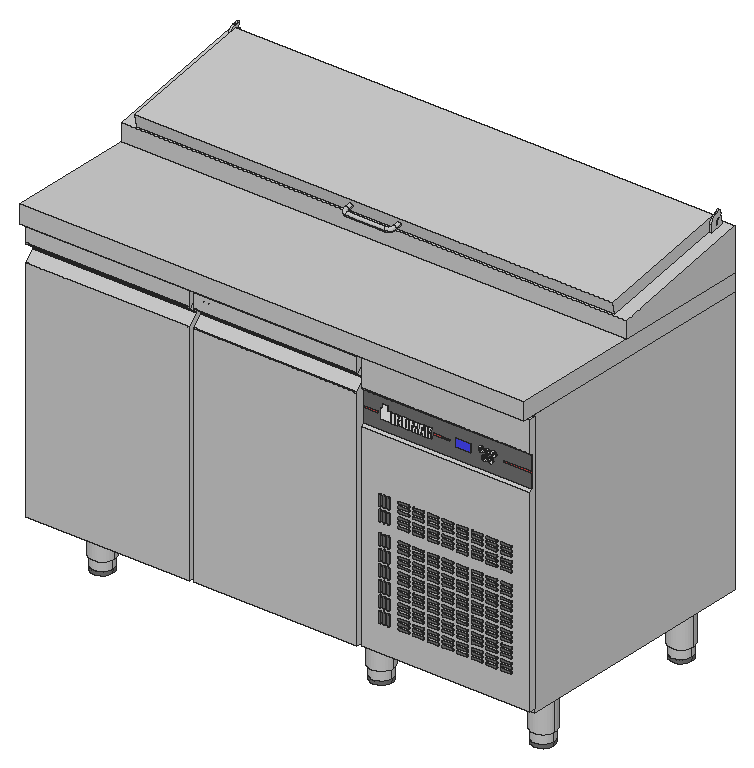
Revit family "QF_INOMAK_ZPZP99_250612084149", category Specialty Equipment, Revit 2021 (continued)
Definition of nested family "QF_INOMAK_REF_COUNTERS_1342_2920"
  Definition of nested family "QF_INOMAK_CONRTOL-PANEL"
    Forms (mm)
      Extrusion 1, solid
        sketch origin (-2240, -700, 0) x (-1, 0, 0) y (0, 0, 1)
          loop
            arc (-2089.4, 215.855) -> (-2086.4, 218.855) -> (-2089.4, 221.855) r 3
            line (-2089.4, 221.855) -> (-2113.4, 221.855)
          loop
            arc (-2074.4, 221.855) -> (-2077.4, 218.855) -> (-2074.4, 215.855) r 3
            line (-2074.4, 215.855) -> (-2050.4, 215.855)
            arc (-2050.4, 215.855) -> (-2047.4, 218.855) -> (-2050.4, 221.855) r 3
            line (-2050.4, 221.855) -> (-2074.4, 221.855)
          loop
            arc (-2035.4, 221.855) -> (-2038.4, 218.855) -> (-2035.4, 215.855) r 3
            line (-2035.4, 215.855) -> (-2011.4, 215.855)
            arc (-2011.4, 215.855) -> (-2008.4, 218.855) -> (-2011.4, 221.855) r 3
            line (-2011.4, 221.855) -> (-2035.4, 221.855)
          loop
            arc (-1996.4, 221.855) -> (-1999.4, 218.855) -> (-1996.4, 215.855) r 3
            line (-1996.4, 215.855) -> (-1972.4, 215.855)
            arc (-1972.4, 215.855) -> (-1969.4, 218.855) -> (-1972.4, 221.855) r 3
            line (-1972.4, 221.855) -> (-1996.4, 221.855)
          loop
            arc (-1957.4, 221.855) -> (-1960.4, 218.855) -> (-1957.4, 215.855) r 3
            line (-1957.4, 215.855) -> (-1933.4, 215.855)
            arc (-1933.4, 215.855) -> (-1930.4, 218.855) -> (-1933.4, 221.855) r 3
            line (-1933.4, 221.855) -> (-1957.4, 221.855)
          loop
            arc (-1918.4, 221.855) -> (-1921.4, 218.855) -> (-1918.4, 215.855) r 3
            line (-1918.4, 215.855) -> (-1894.4, 215.855)
            arc (-1894.4, 215.855) -> (-1891.4, 218.855) -> (-1894.4, 221.855) r 3
            line (-1894.4, 221.855) -> (-1918.4, 221.855)
          loop
            arc (-2191.4, 210.855) -> (-2194.4, 207.855) -> (-2191.4, 204.855) r 3
            line (-2191.4, 204.855) -> (-2167.4, 204.855)
            arc (-2167.4, 204.855) -> (-2164.4, 207.855) -> (-2167.4, 210.855) r 3
            line (-2167.4, 210.855) -> (-2191.4, 210.855)
          loop
            arc (-2152.4, 210.855) -> (-2155.4, 207.855) -> (-2152.4, 204.855) r 3
            line (-2152.4, 204.855) -> (-2128.4, 204.855)
            arc (-2128.4, 204.855) -> (-2125.4, 207.855) -> (-2128.4, 210.855) r 3
            line (-2128.4, 210.855) -> (-2152.4, 210.855)
          loop
            arc (-2113.4, 210.855) -> (-2116.4, 207.855) -> (-2113.4, 204.855) r 3
            line (-2113.4, 204.855) -> (-2089.4, 204.855)
            arc (-2089.4, 204.855) -> (-2086.4, 207.855) -> (-2089.4, 210.855) r 3
            line (-2089.4, 210.855) -> (-2113.4, 210.855)
          loop
            arc (-2074.4, 210.855) -> (-2077.4, 207.855) -> (-2074.4, 204.855) r 3
            line (-2074.4, 204.855) -> (-2050.4, 204.855)
            arc (-2050.4, 204.855) -> (-2047.4, 207.855) -> (-2050.4, 210.855) r 3
            line (-2050.4, 210.855) -> (-2074.4, 210.855)
          loop
            arc (-2035.4, 210.855) -> (-2038.4, 207.855) -> (-2035.4, 204.855) r 3
            line (-2035.4, 204.855) -> (-2011.4, 204.855)
            arc (-2011.4, 204.855) -> (-2008.4, 207.855) -> (-2011.4, 210.855) r 3
            line (-2011.4, 210.855) -> (-2035.4, 210.855)
          loop
            arc (-1996.4, 210.855) -> (-1999.4, 207.855) -> (-1996.4, 204.855) r 3
            line (-1996.4, 204.855) -> (-1972.4, 204.855)
            arc (-1972.4, 204.855) -> (-1969.4, 207.855) -> (-1972.4, 210.855) r 3
            line (-1972.4, 210.855) -> (-1996.4, 210.855)
          loop
            arc (-1957.4, 210.855) -> (-1960.4, 207.855) -> (-1957.4, 204.855) r 3
            line (-1957.4, 204.855) -> (-1933.4, 204.855)
            arc (-1933.4, 204.855) -> (-1930.4, 207.855) -> (-1933.4, 210.855) r 3
            line (-1933.4, 210.855) -> (-1957.4, 210.855)
          loop
            arc (-1918.4, 210.855) -> (-1921.4, 207.855) -> (-1918.4, 204.855) r 3
            line (-1918.4, 204.855) -> (-1894.4, 204.855)
            arc (-1894.4, 204.855) -> (-1891.4, 207.855) -> (-1894.4, 210.855) r 3
            line (-1894.4, 210.855) -> (-1918.4, 210.855)
          loop
            arc (-2191.4, 199.855) -> (-2194.4, 196.855) -> (-2191.4, 193.855) r 3
            line (-2191.4, 193.855) -> (-2167.4, 193.855)
            arc (-2167.4, 193.855) -> (-2164.4, 196.855) -> (-2167.4, 199.855) r 3
            line (-2167.4, 199.855) -> (-2191.4, 199.855)
          loop
            arc (-2152.4, 199.855) -> (-2155.4, 196.855) -> (-2152.4, 193.855) r 3
            line (-2152.4, 193.855) -> (-2128.4, 193.855)
            arc (-2128.4, 193.855) -> (-2125.4, 196.855) -> (-2128.4, 199.855) r 3
            line (-2128.4, 199.855) -> (-2152.4, 199.855)
          loop
            arc (-2113.4, 199.855) -> (-2116.4, 196.855) -> (-2113.4, 193.855) r 3
            line (-2113.4, 193.855) -> (-2089.4, 193.855)
            arc (-2089.4, 193.855) -> (-2086.4, 196.855) -> (-2089.4, 199.855) r 3
            line (-2089.4, 199.855) -> (-2113.4, 199.855)
          loop
            arc (-2074.4, 199.855) -> (-2077.4, 196.855) -> (-2074.4, 193.855) r 3
            line (-2074.4, 193.855) -> (-2050.4, 193.855)
            arc (-2050.4, 193.855) -> (-2047.4, 196.855) -> (-2050.4, 199.855) r 3
            line (-2050.4, 199.855) -> (-2074.4, 199.855)
          loop
            arc (-2035.4, 199.855) -> (-2038.4, 196.855) -> (-2035.4, 193.855) r 3
            line (-2035.4, 193.855) -> (-2011.4, 193.855)
            arc (-2011.4, 193.855) -> (-2008.4, 196.855) -> (-2011.4, 199.855) r 3
            line (-2011.4, 199.855) -> (-2035.4, 199.855)
          loop
            arc (-1996.4, 199.855) -> (-1999.4, 196.855) -> (-1996.4, 193.855) r 3
            line (-1996.4, 193.855) -> (-1972.4, 193.855)
            arc (-1972.4, 193.855) -> (-1969.4, 196.855) -> (-1972.4, 199.855) r 3
            line (-1972.4, 199.855) -> (-1996.4, 199.855)
          loop
            arc (-1957.4, 199.855) -> (-1960.4, 196.855) -> (-1957.4, 193.855) r 3
            line (-1957.4, 193.855) -> (-1933.4, 193.855)
            arc (-1933.4, 193.855) -> (-1930.4, 196.855) -> (-1933.4, 199.855) r 3
            line (-1933.4, 199.855) -> (-1957.4, 199.855)
          loop
            arc (-1918.4, 199.855) -> (-1921.4, 196.855) -> (-1918.4, 193.855) r 3
            line (-1918.4, 193.855) -> (-1894.4, 193.855)
            arc (-1894.4, 193.855) -> (-1891.4, 196.855) -> (-1894.4, 199.855) r 3
            line (-1894.4, 199.855) -> (-1918.4, 199.855)
          loop
            arc (-2191.4, 184.855) -> (-2194.4, 181.855) -> (-2191.4, 178.855) r 3
            line (-2191.4, 178.855) -> (-2167.4, 178.855)
            arc (-2167.4, 178.855) -> (-2164.4, 181.855) -> (-2167.4, 184.855) r 3
            line (-2167.4, 184.855) -> (-2191.4, 184.855)
          loop
            arc (-2152.4, 184.855) -> (-2155.4, 181.855) -> (-2152.4, 178.855) r 3
            line (-2152.4, 178.855) -> (-2128.4, 178.855)
            arc (-2128.4, 178.855) -> (-2125.4, 181.855) -> (-2128.4, 184.855) r 3
            line (-2128.4, 184.855) -> (-2152.4, 184.855)
          loop
            arc (-2113.4, 184.855) -> (-2116.4, 181.855) -> (-2113.4, 178.855) r 3
            line (-2113.4, 178.855) -> (-2089.4, 178.855)
            arc (-2089.4, 178.855) -> (-2086.4, 181.855) -> (-2089.4, 184.855) r 3
            line (-2089.4, 184.855) -> (-2113.4, 184.855)
          loop
            arc (-2074.4, 184.855) -> (-2077.4, 181.855) -> (-2074.4, 178.855) r 3
            line (-2074.4, 178.855) -> (-2050.4, 178.855)
            arc (-2050.4, 178.855) -> (-2047.4, 181.855) -> (-2050.4, 184.855) r 3
            line (-2050.4, 184.855) -> (-2074.4, 184.855)
          loop
            arc (-2035.4, 184.855) -> (-2038.4, 181.855) -> (-2035.4, 178.855) r 3
            line (-2035.4, 178.855) -> (-2011.4, 178.855)
            arc (-2011.4, 178.855) -> (-2008.4, 181.855) -> (-2011.4, 184.855) r 3
            line (-2011.4, 184.855) -> (-2035.4, 184.855)
          loop
            arc (-1996.4, 184.855) -> (-1999.4, 181.855) -> (-1996.4, 178.855) r 3
            line (-1996.4, 178.855) -> (-1972.4, 178.855)
            arc (-1972.4, 178.855) -> (-1969.4, 181.855) -> (-1972.4, 184.855) r 3
            line (-1972.4, 184.855) -> (-1996.4, 184.855)
          loop
            arc (-1957.4, 184.855) -> (-1960.4, 181.855) -> (-1957.4, 178.855) r 3
            line (-1957.4, 178.855) -> (-1933.4, 178.855)
            arc (-1933.4, 178.855) -> (-1930.4, 181.855) -> (-1933.4, 184.855) r 3
            line (-1933.4, 184.855) -> (-1957.4, 184.855)
          loop
            arc (-1918.4, 184.855) -> (-1921.4, 181.855) -> (-1918.4, 178.855) r 3
            line (-1918.4, 178.855) -> (-1894.4, 178.855)
            arc (-1894.4, 178.855) -> (-1891.4, 181.855) -> (-1894.4, 184.855) r 3
            line (-1894.4, 184.855) -> (-1918.4, 184.855)
          loop
            arc (-2191.4, 173.855) -> (-2194.4, 170.855) -> (-2191.4, 167.855) r 3
            line (-2191.4, 167.855) -> (-2167.4, 167.855)
            arc (-2167.4, 167.855) -> (-2164.4, 170.855) -> (-2167.4, 173.855) r 3
            line (-2167.4, 173.855) -> (-2191.4, 173.855)
          loop
            arc (-2152.4, 173.855) -> (-2155.4, 170.855) -> (-2152.4, 167.855) r 3
            line (-2152.4, 167.855) -> (-2128.4, 167.855)
            arc (-2128.4, 167.855) -> (-2125.4, 170.855) -> (-2128.4, 173.855) r 3
            line (-2128.4, 173.855) -> (-2152.4, 173.855)
          loop
            arc (-2113.4, 173.855) -> (-2116.4, 170.855) -> (-2113.4, 167.855) r 3
            line (-2113.4, 167.855) -> (-2089.4, 167.855)
            arc (-2089.4, 167.855) -> (-2086.4, 170.855) -> (-2089.4, 173.855) r 3
            line (-2089.4, 173.855) -> (-2113.4, 173.855)
          loop
            arc (-2074.4, 173.855) -> (-2077.4, 170.855) -> (-2074.4, 167.855) r 3
            line (-2074.4, 167.855) -> (-2050.4, 167.855)
            arc (-2050.4, 167.855) -> (-2047.4, 170.855) -> (-2050.4, 173.855) r 3
            line (-2050.4, 173.855) -> (-2074.4, 173.855)
          loop
            arc (-2035.4, 173.855) -> (-2038.4, 170.855) -> (-2035.4, 167.855) r 3
            line (-2035.4, 167.855) -> (-2011.4, 167.855)
            arc (-2011.4, 167.855) -> (-2008.4, 170.855) -> (-2011.4, 173.855) r 3
            line (-2011.4, 173.855) -> (-2035.4, 173.855)
          loop
            arc (-1996.4, 173.855) -> (-1999.4, 170.855) -> (-1996.4, 167.855) r 3
            line (-1996.4, 167.855) -> (-1972.4, 167.855)
            arc (-1972.4, 167.855) -> (-1969.4, 170.855) -> (-1972.4, 173.855) r 3
            line (-1972.4, 173.855) -> (-1996.4, 173.855)
          loop
            arc (-1957.4, 173.855) -> (-1960.4, 170.855) -> (-1957.4, 167.855) r 3
            line (-1957.4, 167.855) -> (-1933.4, 167.855)
            arc (-1933.4, 167.855) -> (-1930.4, 170.855) -> (-1933.4, 173.855) r 3
            line (-1933.4, 173.855) -> (-1957.4, 173.855)
          loop
            arc (-1918.4, 173.855) -> (-1921.4, 170.855) -> (-1918.4, 167.855) r 3
            line (-1918.4, 167.855) -> (-1894.4, 167.855)
            arc (-1894.4, 167.855) -> (-1891.4, 170.855) -> (-1894.4, 173.855) r 3
            line (-1894.4, 173.855) -> (-1918.4, 173.855)
          loop
            arc (-2191.4, 162.855) -> (-2194.4, 159.855) -> (-2191.4, 156.855) r 3
            line (-2191.4, 156.855) -> (-2167.4, 156.855)
            arc (-2167.4, 156.855) -> (-2164.4, 159.855) -> (-2167.4, 162.855) r 3
            line (-2167.4, 162.855) -> (-2191.4, 162.855)
          loop
            arc (-2152.4, 162.855) -> (-2155.4, 159.855) -> (-2152.4, 156.855) r 3
            line (-2152.4, 156.855) -> (-2128.4, 156.855)
            arc (-2128.4, 156.855) -> (-2125.4, 159.855) -> (-2128.4, 162.855) r 3
            line (-2128.4, 162.855) -> (-2152.4, 162.855)
          loop
            arc (-2113.4, 162.855) -> (-2116.4, 159.855) -> (-2113.4, 156.855) r 3
            line (-2113.4, 156.855) -> (-2089.4, 156.855)
            arc (-2089.4, 156.855) -> (-2086.4, 159.855) -> (-2089.4, 162.855) r 3
            line (-2089.4, 162.855) -> (-2113.4, 162.855)
          loop
            arc (-2074.4, 162.855) -> (-2077.4, 159.855) -> (-2074.4, 156.855) r 3
            line (-2074.4, 156.855) -> (-2050.4, 156.855)
            arc (-2050.4, 156.855) -> (-2047.4, 159.855) -> (-2050.4, 162.855) r 3
            line (-2050.4, 162.855) -> (-2074.4, 162.855)
          loop
            arc (-2035.4, 162.855) -> (-2038.4, 159.855) -> (-2035.4, 156.855) r 3
            line (-2035.4, 156.855) -> (-2011.4, 156.855)
            arc (-2011.4, 156.855) -> (-2008.4, 159.855) -> (-2011.4, 162.855) r 3
            line (-2011.4, 162.855) -> (-2035.4, 162.855)
          loop
            arc (-1996.4, 162.855) -> (-1999.4, 159.855) -> (-1996.4, 156.855) r 3
            line (-1996.4, 156.855) -> (-1972.4, 156.855)
            arc (-1972.4, 156.855) -> (-1969.4, 159.855) -> (-1972.4, 162.855) r 3
            line (-1972.4, 162.855) -> (-1996.4, 162.855)
          loop
            arc (-1957.4, 162.855) -> (-1960.4, 159.855) -> (-1957.4, 156.855) r 3
            line (-1957.4, 156.855) -> (-1933.4, 156.855)
            arc (-1933.4, 156.855) -> (-1930.4, 159.855) -> (-1933.4, 162.855) r 3
            line (-1933.4, 162.855) -> (-1957.4, 162.855)
          loop
            arc (-1918.4, 162.855) -> (-1921.4, 159.855) -> (-1918.4, 156.855) r 3
            line (-1918.4, 156.855) -> (-1894.4, 156.855)
            arc (-1894.4, 156.855) -> (-1891.4, 159.855) -> (-1894.4, 162.855) r 3
            line (-1894.4, 162.855) -> (-1918.4, 162.855)
          loop
            arc (-2191.4, 147.855) -> (-2194.4, 144.855) -> (-2191.4, 141.855) r 3
            line (-2191.4, 141.855) -> (-2167.4, 141.855)
            arc (-2167.4, 141.855) -> (-2164.4, 144.855) -> (-2167.4, 147.855) r 3
            line (-2167.4, 147.855) -> (-2191.4, 147.855)
          loop
            arc (-2152.4, 147.855) -> (-2155.4, 144.855) -> (-2152.4, 141.855) r 3
            line (-2152.4, 141.855) -> (-2128.4, 141.855)
            arc (-2128.4, 141.855) -> (-2125.4, 144.855) -> (-2128.4, 147.855) r 3
            line (-2128.4, 147.855) -> (-2152.4, 147.855)
          loop
            arc (-2113.4, 147.855) -> (-2116.4, 144.855) -> (-2113.4, 141.855) r 3
            line (-2113.4, 141.855) -> (-2089.4, 141.855)
            arc (-2089.4, 141.855) -> (-2086.4, 144.855) -> (-2089.4, 147.855) r 3
            line (-2089.4, 147.855) -> (-2113.4, 147.855)
          loop
            arc (-2074.4, 147.855) -> (-2077.4, 144.855) -> (-2074.4, 141.855) r 3
            line (-2074.4, 141.855) -> (-2050.4, 141.855)
            arc (-2050.4, 141.855) -> (-2047.4, 144.855) -> (-2050.4, 147.855) r 3
            line (-2050.4, 147.855) -> (-2074.4, 147.855)
          loop
            arc (-2035.4, 147.855) -> (-2038.4, 144.855) -> (-2035.4, 141.855) r 3
            line (-2035.4, 141.855) -> (-2011.4, 141.855)
            arc (-2011.4, 141.855) -> (-2008.4, 144.855) -> (-2011.4, 147.855) r 3
            line (-2011.4, 147.855) -> (-2035.4, 147.855)
          loop
            arc (-1996.4, 147.855) -> (-1999.4, 144.855) -> (-1996.4, 141.855) r 3
            line (-1996.4, 141.855) -> (-1972.4, 141.855)
            arc (-1972.4, 141.855) -> (-1969.4, 144.855) -> (-1972.4, 147.855) r 3
            line (-1972.4, 147.855) -> (-1996.4, 147.855)
          loop
            arc (-1957.4, 147.855) -> (-1960.4, 144.855) -> (-1957.4, 141.855) r 3
            line (-1957.4, 141.855) -> (-1933.4, 141.855)
            arc (-1933.4, 141.855) -> (-1930.4, 144.855) -> (-1933.4, 147.855) r 3
            line (-1933.4, 147.855) -> (-1957.4, 147.855)
          loop
            arc (-1918.4, 147.855) -> (-1921.4, 144.855) -> (-1918.4, 141.855) r 3
            line (-1918.4, 141.855) -> (-1894.4, 141.855)
            arc (-1894.4, 141.855) -> (-1891.4, 144.855) -> (-1894.4, 147.855) r 3
            line (-1894.4, 147.855) -> (-1918.4, 147.855)
          loop
            arc (-2191.4, 136.855) -> (-2194.4, 133.855) -> (-2191.4, 130.855) r 3
            line (-2191.4, 130.855) -> (-2167.4, 130.855)
            arc (-2167.4, 130.855) -> (-2164.4, 133.855) -> (-2167.4, 136.855) r 3
            line (-2167.4, 136.855) -> (-2191.4, 136.855)
          loop
            arc (-2152.4, 136.855) -> (-2155.4, 133.855) -> (-2152.4, 130.855) r 3
            line (-2152.4, 130.855) -> (-2128.4, 130.855)
            arc (-2128.4, 130.855) -> (-2125.4, 133.855) -> (-2128.4, 136.855) r 3
            line (-2128.4, 136.855) -> (-2152.4, 136.855)
          loop
            arc (-2113.4, 136.855) -> (-2116.4, 133.855) -> (-2113.4, 130.855) r 3
            line (-2113.4, 130.855) -> (-2089.4, 130.855)
            arc (-2089.4, 130.855) -> (-2086.4, 133.855) -> (-2089.4, 136.855) r 3
            line (-2089.4, 136.855) -> (-2113.4, 136.855)
          loop
            arc (-2074.4, 136.855) -> (-2077.4, 133.855) -> (-2074.4, 130.855) r 3
            line (-2074.4, 130.855) -> (-2050.4, 130.855)
            arc (-2050.4, 130.855) -> (-2047.4, 133.855) -> (-2050.4, 136.855) r 3
            line (-2050.4, 136.855) -> (-2074.4, 136.855)
          loop
            arc (-2035.4, 136.855) -> (-2038.4, 133.855) -> (-2035.4, 130.855) r 3
            line (-2035.4, 130.855) -> (-2011.4, 130.855)
            arc (-2011.4, 130.855) -> (-2008.4, 133.855) -> (-2011.4, 136.855) r 3
            line (-2011.4, 136.855) -> (-2035.4, 136.855)
          loop
            arc (-1996.4, 136.855) -> (-1999.4, 133.855) -> (-1996.4, 130.855) r 3
            line (-1996.4, 130.855) -> (-1972.4, 130.855)
            arc (-1972.4, 130.855) -> (-1969.4, 133.855) -> (-1972.4, 136.855) r 3
            line (-1972.4, 136.855) -> (-1996.4, 136.855)
          loop
            arc (-1957.4, 136.855) -> (-1960.4, 133.855) -> (-1957.4, 130.855) r 3
            line (-1957.4, 130.855) -> (-1933.4, 130.855)
            arc (-1933.4, 130.855) -> (-1930.4, 133.855) -> (-1933.4, 136.855) r 3
            line (-1933.4, 136.855) -> (-1957.4, 136.855)
          loop
            arc (-1918.4, 136.855) -> (-1921.4, 133.855) -> (-1918.4, 130.855) r 3
            line (-1918.4, 130.855) -> (-1894.4, 130.855)
            arc (-1894.4, 130.855) -> (-1891.4, 133.855) -> (-1894.4, 136.855) r 3
            line (-1894.4, 136.855) -> (-1918.4, 136.855)
          loop
            arc (-2191.4, 125.855) -> (-2194.4, 122.855) -> (-2191.4, 119.855) r 3
            line (-2191.4, 119.855) -> (-2167.4, 119.855)
            arc (-2167.4, 119.855) -> (-2164.4, 122.855) -> (-2167.4, 125.855) r 3
            line (-2167.4, 125.855) -> (-2191.4, 125.855)
          loop
            arc (-2152.4, 125.855) -> (-2155.4, 122.855) -> (-2152.4, 119.855) r 3
            line (-2152.4, 119.855) -> (-2128.4, 119.855)
            arc (-2128.4, 119.855) -> (-2125.4, 122.855) -> (-2128.4, 125.855) r 3
            line (-2128.4, 125.855) -> (-2152.4, 125.855)
          loop
            arc (-2113.4, 125.855) -> (-2116.4, 122.855) -> (-2113.4, 119.855) r 3
            line (-2113.4, 119.855) -> (-2089.4, 119.855)
            arc (-2089.4, 119.855) -> (-2086.4, 122.855) -> (-2089.4, 125.855) r 3
            line (-2089.4, 125.855) -> (-2113.4, 125.855)
          loop
            arc (-2074.4, 125.855) -> (-2077.4, 122.855) -> (-2074.4, 119.855) r 3
            line (-2074.4, 119.855) -> (-2050.4, 119.855)
            arc (-2050.4, 119.855) -> (-2047.4, 122.855) -> (-2050.4, 125.855) r 3
            line (-2050.4, 125.855) -> (-2074.4, 125.855)
          loop
            arc (-2035.4, 125.855) -> (-2038.4, 122.855) -> (-2035.4, 119.855) r 3
            line (-2035.4, 119.855) -> (-2011.4, 119.855)
            arc (-2011.4, 119.855) -> (-2008.4, 122.855) -> (-2011.4, 125.855) r 3
            line (-2011.4, 125.855) -> (-2035.4, 125.855)
          loop
            arc (-1996.4, 125.855) -> (-1999.4, 122.855) -> (-1996.4, 119.855) r 3
            line (-1996.4, 119.855) -> (-1972.4, 119.855)
            arc (-1972.4, 119.855) -> (-1969.4, 122.855) -> (-1972.4, 125.855) r 3
            line (-1972.4, 125.855) -> (-1996.4, 125.855)
          loop
            arc (-1957.4, 125.855) -> (-1960.4, 122.855) -> (-1957.4, 119.855) r 3
            line (-1957.4, 119.855) -> (-1933.4, 119.855)
            arc (-1933.4, 119.855) -> (-1930.4, 122.855) -> (-1933.4, 125.855) r 3
            line (-1933.4, 125.855) -> (-1957.4, 125.855)
          loop
            arc (-1918.4, 125.855) -> (-1921.4, 122.855) -> (-1918.4, 119.855) r 3
            line (-1918.4, 119.855) -> (-1894.4, 119.855)
            arc (-1894.4, 119.855) -> (-1891.4, 122.855) -> (-1894.4, 125.855) r 3
            line (-1894.4, 125.855) -> (-1918.4, 125.855)
          loop
            arc (-2191.4, 110.855) -> (-2194.4, 107.855) -> (-2191.4, 104.855) r 3
            line (-2191.4, 104.855) -> (-2167.4, 104.855)
            arc (-2167.4, 104.855) -> (-2164.4, 107.855) -> (-2167.4, 110.855) r 3
            line (-2167.4, 110.855) -> (-2191.4, 110.855)
          loop
            arc (-2152.4, 110.855) -> (-2155.4, 107.855) -> (-2152.4, 104.855) r 3
            line (-2152.4, 104.855) -> (-2128.4, 104.855)
            arc (-2128.4, 104.855) -> (-2125.4, 107.855) -> (-2128.4, 110.855) r 3
            line (-2128.4, 110.855) -> (-2152.4, 110.855)
          loop
            arc (-2113.4, 110.855) -> (-2116.4, 107.855) -> (-2113.4, 104.855) r 3
            line (-2113.4, 104.855) -> (-2089.4, 104.855)
            arc (-2089.4, 104.855) -> (-2086.4, 107.855) -> (-2089.4, 110.855) r 3
            line (-2089.4, 110.855) -> (-2113.4, 110.855)
          loop
            arc (-2074.4, 110.855) -> (-2077.4, 107.855) -> (-2074.4, 104.855) r 3
            line (-2074.4, 104.855) -> (-2050.4, 104.855)
            arc (-2050.4, 104.855) -> (-2047.4, 107.855) -> (-2050.4, 110.855) r 3
            line (-2050.4, 110.855) -> (-2074.4, 110.855)
          loop
            arc (-2035.4, 110.855) -> (-2038.4, 107.855) -> (-2035.4, 104.855) r 3
            line (-2035.4, 104.855) -> (-2011.4, 104.855)
            arc (-2011.4, 104.855) -> (-2008.4, 107.855) -> (-2011.4, 110.855) r 3
            line (-2011.4, 110.855) -> (-2035.4, 110.855)
          loop
            arc (-1996.4, 110.855) -> (-1999.4, 107.855) -> (-1996.4, 104.855) r 3
            line (-1996.4, 104.855) -> (-1972.4, 104.855)
            arc (-1972.4, 104.855) -> (-1969.4, 107.855) -> (-1972.4, 110.855) r 3
            line (-1972.4, 110.855) -> (-1996.4, 110.855)
          loop
            arc (-1957.4, 110.855) -> (-1960.4, 107.855) -> (-1957.4, 104.855) r 3
            line (-1957.4, 104.855) -> (-1933.4, 104.855)
            arc (-1933.4, 104.855) -> (-1930.4, 107.855) -> (-1933.4, 110.855) r 3
            line (-1933.4, 110.855) -> (-1957.4, 110.855)
          loop
            arc (-1918.4, 110.855) -> (-1921.4, 107.855) -> (-1918.4, 104.855) r 3
            line (-1918.4, 104.855) -> (-1894.4, 104.855)
            arc (-1894.4, 104.855) -> (-1891.4, 107.855) -> (-1894.4, 110.855) r 3
            line (-1894.4, 110.855) -> (-1918.4, 110.855)
          loop
            arc (-2191.4, 99.855) -> (-2194.4, 96.855) -> (-2191.4, 93.855) r 3
            line (-2191.4, 93.855) -> (-2167.4, 93.855)
            arc (-2167.4, 93.855) -> (-2164.4, 96.855) -> (-2167.4, 99.855) r 3
            line (-2167.4, 99.855) -> (-2191.4, 99.855)
          loop
            arc (-2152.4, 99.855) -> (-2155.4, 96.855) -> (-2152.4, 93.855) r 3
            line (-2152.4, 93.855) -> (-2128.4, 93.855)
            arc (-2128.4, 93.855) -> (-2125.4, 96.855) -> (-2128.4, 99.855) r 3
            line (-2128.4, 99.855) -> (-2152.4, 99.855)
          loop
            arc (-2113.4, 99.855) -> (-2116.4, 96.855) -> (-2113.4, 93.855) r 3
            line (-2113.4, 93.855) -> (-2089.4, 93.855)
            arc (-2089.4, 93.855) -> (-2086.4, 96.855) -> (-2089.4, 99.855) r 3
            line (-2089.4, 99.855) -> (-2113.4, 99.855)
          loop
            arc (-2074.4, 99.855) -> (-2077.4, 96.855) -> (-2074.4, 93.855) r 3
            line (-2074.4, 93.855) -> (-2050.4, 93.855)
            arc (-2050.4, 93.855) -> (-2047.4, 96.855) -> (-2050.4, 99.855) r 3
            line (-2050.4, 99.855) -> (-2074.4, 99.855)
          loop
            arc (-2035.4, 99.855) -> (-2038.4, 96.855) -> (-2035.4, 93.855) r 3
            line (-2035.4, 93.855) -> (-2011.4, 93.855)
            arc (-2011.4, 93.855) -> (-2008.4, 96.855) -> (-2011.4, 99.855) r 3
            line (-2011.4, 99.855) -> (-2035.4, 99.855)
          loop
            arc (-1996.4, 99.855) -> (-1999.4, 96.855) -> (-1996.4, 93.855) r 3
            line (-1996.4, 93.855) -> (-1972.4, 93.855)
            arc (-1972.4, 93.855) -> (-1969.4, 96.855) -> (-1972.4, 99.855) r 3
            line (-1972.4, 99.855) -> (-1996.4, 99.855)
          loop
            arc (-1957.4, 99.855) -> (-1960.4, 96.855) -> (-1957.4, 93.855) r 3
            line (-1957.4, 93.855) -> (-1933.4, 93.855)
            arc (-1933.4, 93.855) -> (-1930.4, 96.855) -> (-1933.4, 99.855) r 3
            line (-1933.4, 99.855) -> (-1957.4, 99.855)
          loop
            arc (-1918.4, 99.855) -> (-1921.4, 96.855) -> (-1918.4, 93.855) r 3
            line (-1918.4, 93.855) -> (-1894.4, 93.855)
            arc (-1894.4, 93.855) -> (-1891.4, 96.855) -> (-1894.4, 99.855) r 3
            line (-1894.4, 99.855) -> (-1918.4, 99.855)
          loop
            arc (-2191.4, 88.855) -> (-2194.4, 85.855) -> (-2191.4, 82.855) r 3
            line (-2191.4, 82.855) -> (-2167.4, 82.855)
            arc (-2167.4, 82.855) -> (-2164.4, 85.855) -> (-2167.4, 88.855) r 3
            line (-2167.4, 88.855) -> (-2191.4, 88.855)
          loop
            arc (-2152.4, 88.855) -> (-2155.4, 85.855) -> (-2152.4, 82.855) r 3
            line (-2152.4, 82.855) -> (-2128.4, 82.855)
            arc (-2128.4, 82.855) -> (-2125.4, 85.855) -> (-2128.4, 88.855) r 3
            line (-2128.4, 88.855) -> (-2152.4, 88.855)
          loop
            arc (-2113.4, 88.855) -> (-2116.4, 85.855) -> (-2113.4, 82.855) r 3
            line (-2113.4, 82.855) -> (-2089.4, 82.855)
            arc (-2089.4, 82.855) -> (-2086.4, 85.855) -> (-2089.4, 88.855) r 3
            line (-2089.4, 88.855) -> (-2113.4, 88.855)
          loop
            arc (-2074.4, 88.855) -> (-2077.4, 85.855) -> (-2074.4, 82.855) r 3
            line (-2074.4, 82.855) -> (-2050.4, 82.855)
            arc (-2050.4, 82.855) -> (-2047.4, 85.855) -> (-2050.4, 88.855) r 3
            line (-2050.4, 88.855) -> (-2074.4, 88.855)
          loop
            arc (-2035.4, 88.855) -> (-2038.4, 85.855) -> (-2035.4, 82.855) r 3
            line (-2035.4, 82.855) -> (-2011.4, 82.855)
            arc (-2011.4, 82.855) -> (-2008.4, 85.855) -> (-2011.4, 88.855) r 3
            line (-2011.4, 88.855) -> (-2035.4, 88.855)
          loop
            arc (-1996.4, 88.855) -> (-1999.4, 85.855) -> (-1996.4, 82.855) r 3
            line (-1996.4, 82.855) -> (-1972.4, 82.855)
            arc (-1972.4, 82.855) -> (-1969.4, 85.855) -> (-1972.4, 88.855) r 3
            line (-1972.4, 88.855) -> (-1996.4, 88.855)
          loop
            arc (-1957.4, 88.855) -> (-1960.4, 85.855) -> (-1957.4, 82.855) r 3
            line (-1957.4, 82.855) -> (-1933.4, 82.855)
            arc (-1933.4, 82.855) -> (-1930.4, 85.855) -> (-1933.4, 88.855) r 3
            line (-1933.4, 88.855) -> (-1957.4, 88.855)
          loop
            arc (-1918.4, 88.855) -> (-1921.4, 85.855) -> (-1918.4, 82.855) r 3
            line (-1918.4, 82.855) -> (-1894.4, 82.855)
            arc (-1894.4, 82.855) -> (-1891.4, 85.855) -> (-1894.4, 88.855) r 3
            line (-1894.4, 88.855) -> (-1918.4, 88.855)
          loop
            arc (-1840.4, 387.855) -> (-1843.4, 390.855) -> (-1846.4, 387.855) r 3
            line (-1846.4, 387.855) -> (-1846.4, 363.855)
            arc (-1846.4, 363.855) -> (-1843.4, 360.855) -> (-1840.4, 363.855) r 3
            line (-1840.4, 363.855) -> (-1840.4, 387.855)
          loop
            arc (-1851.4, 387.855) -> (-1854.4, 390.855) -> (-1857.4, 387.855) r 3
            line (-1857.4, 387.855) -> (-1857.4, 363.855)
            arc (-1857.4, 363.855) -> (-1854.4, 360.855) -> (-1851.4, 363.855) r 3
            line (-1851.4, 363.855) -> (-1851.4, 387.855)
          loop
            arc (-1862.4, 387.855) -> (-1865.4, 390.855) -> (-1868.4, 387.855) r 3
            line (-1868.4, 387.855) -> (-1868.4, 363.855)
            arc (-1868.4, 363.855) -> (-1865.4, 360.855) -> (-1862.4, 363.855) r 3
            line (-1862.4, 363.855) -> (-1862.4, 387.855)
          loop
            arc (-1840.4, 350.855) -> (-1843.4, 353.855) -> (-1846.4, 350.855) r 3
            line (-1846.4, 350.855) -> (-1846.4, 326.855)
            arc (-1846.4, 326.855) -> (-1843.4, 323.855) -> (-1840.4, 326.855) r 3
            line (-1840.4, 326.855) -> (-1840.4, 350.855)
          loop
            arc (-1851.4, 350.855) -> (-1854.4, 353.855) -> (-1857.4, 350.855) r 3
            line (-1857.4, 350.855) -> (-1857.4, 326.855)
            arc (-1857.4, 326.855) -> (-1854.4, 323.855) -> (-1851.4, 326.855) r 3
            line (-1851.4, 326.855) -> (-1851.4, 350.855)
          loop
            arc (-1862.4, 350.855) -> (-1865.4, 353.855) -> (-1868.4, 350.855) r 3
            line (-1868.4, 350.855) -> (-1868.4, 326.855)
            arc (-1868.4, 326.855) -> (-1865.4, 323.855) -> (-1862.4, 326.855) r 3
            line (-1862.4, 326.855) -> (-1862.4, 350.855)
          loop
            arc (-1840.4, 293.855) -> (-1843.4, 296.855) -> (-1846.4, 293.855) r 3
            line (-1846.4, 293.855) -> (-1846.4, 269.855)
            arc (-1846.4, 269.855) -> (-1843.4, 266.855) -> (-1840.4, 269.855) r 3
            line (-1840.4, 269.855) -> (-1840.4, 293.855)
          loop
            arc (-1851.4, 293.855) -> (-1854.4, 296.855) -> (-1857.4, 293.855) r 3
            line (-1857.4, 293.855) -> (-1857.4, 269.855)
            arc (-1857.4, 269.855) -> (-1854.4, 266.855) -> (-1851.4, 269.855) r 3
            line (-1851.4, 269.855) -> (-1851.4, 293.855)
          loop
            arc (-1862.4, 293.855) -> (-1865.4, 296.855) -> (-1868.4, 293.855) r 3
            line (-1868.4, 293.855) -> (-1868.4, 269.855)
            arc (-1868.4, 269.855) -> (-1865.4, 266.855) -> (-1862.4, 269.855) r 3
            line (-1862.4, 269.855) -> (-1862.4, 293.855)
          loop
            arc (-1840.4, 256.855) -> (-1843.4, 259.855) -> (-1846.4, 256.855) r 3
            line (-1846.4, 256.855) -> (-1846.4, 232.855)
            arc (-1846.4, 232.855) -> (-1843.4, 229.855) -> (-1840.4, 232.855) r 3
            line (-1840.4, 232.855) -> (-1840.4, 256.855)
          loop
            arc (-1851.4, 256.855) -> (-1854.4, 259.855) -> (-1857.4, 256.855) r 3
            line (-1857.4, 256.855) -> (-1857.4, 232.855)
            arc (-1857.4, 232.855) -> (-1854.4, 229.855) -> (-1851.4, 232.855) r 3
            line (-1851.4, 232.855) -> (-1851.4, 256.855)
          loop
            arc (-1862.4, 256.855) -> (-1865.4, 259.855) -> (-1868.4, 256.855) r 3
            line (-1868.4, 256.855) -> (-1868.4, 232.855)
            arc (-1868.4, 232.855) -> (-1865.4, 229.855) -> (-1862.4, 232.855) r 3
            line (-1862.4, 232.855) -> (-1862.4, 256.855)
          loop
            arc (-1840.4, 219.855) -> (-1843.4, 222.855) -> (-1846.4, 219.855) r 3
            line (-1846.4, 219.855) -> (-1846.4, 195.855)
            arc (-1846.4, 195.855) -> (-1843.4, 192.855) -> (-1840.4, 195.855) r 3
            line (-1840.4, 195.855) -> (-1840.4, 219.855)
          loop
            arc (-1851.4, 219.855) -> (-1854.4, 222.855) -> (-1857.4, 219.855) r 3
            line (-1857.4, 219.855) -> (-1857.4, 195.855)
            arc (-1857.4, 195.855) -> (-1854.4, 192.855) -> (-1851.4, 195.855) r 3
            line (-1851.4, 195.855) -> (-1851.4, 219.855)
          loop
            arc (-1862.4, 219.855) -> (-1865.4, 222.855) -> (-1868.4, 219.855) r 3
            line (-1868.4, 219.855) -> (-1868.4, 195.855)
            arc (-1868.4, 195.855) -> (-1865.4, 192.855) -> (-1862.4, 195.855) r 3
            line (-1862.4, 195.855) -> (-1862.4, 219.855)
          loop
            arc (-1840.4, 182.855) -> (-1843.4, 185.855) -> (-1846.4, 182.855) r 3
            line (-1846.4, 182.855) -> (-1846.4, 158.855)
            arc (-1846.4, 158.855) -> (-1843.4, 155.855) -> (-1840.4, 158.855) r 3
            line (-1840.4, 158.855) -> (-1840.4, 182.855)
          loop
            arc (-1851.4, 182.855) -> (-1854.4, 185.855) -> (-1857.4, 182.855) r 3
            line (-1857.4, 182.855) -> (-1857.4, 158.855)
            arc (-1857.4, 158.855) -> (-1854.4, 155.855) -> (-1851.4, 158.855) r 3
            line (-1851.4, 158.855) -> (-1851.4, 182.855)
          loop
            arc (-1862.4, 182.855) -> (-1865.4, 185.855) -> (-1868.4, 182.855) r 3
            line (-1868.4, 182.855) -> (-1868.4, 158.855)
            arc (-1868.4, 158.855) -> (-1865.4, 155.855) -> (-1862.4, 158.855) r 3
            line (-1862.4, 158.855) -> (-1862.4, 182.855)
          loop
            arc (-1840.4, 145.855) -> (-1843.4, 148.855) -> (-1846.4, 145.855) r 3
            line (-1846.4, 145.855) -> (-1846.4, 121.855)
            arc (-1846.4, 121.855) -> (-1843.4, 118.855) -> (-1840.4, 121.855) r 3
            line (-1840.4, 121.855) -> (-1840.4, 145.855)
          loop
            arc (-1851.4, 145.855) -> (-1854.4, 148.855) -> (-1857.4, 145.855) r 3
            line (-1857.4, 145.855) -> (-1857.4, 121.855)
            arc (-1857.4, 121.855) -> (-1854.4, 118.855) -> (-1851.4, 121.855) r 3
            line (-1851.4, 121.855) -> (-1851.4, 145.855)
          loop
            arc (-1862.4, 145.855) -> (-1865.4, 148.855) -> (-1868.4, 145.855) r 3
            line (-1868.4, 145.855) -> (-1868.4, 121.855)
            arc (-1868.4, 121.855) -> (-1865.4, 118.855) -> (-1862.4, 121.855) r 3
            line (-1862.4, 121.855) -> (-1862.4, 145.855)
          loop
            arc (-1840.4, 108.855) -> (-1843.4, 111.855) -> (-1846.4, 108.855) r 3
            line (-1846.4, 108.855) -> (-1846.4, 84.855)
            arc (-1846.4, 84.855) -> (-1843.4, 81.855) -> (-1840.4, 84.855) r 3
            line (-1840.4, 84.855) -> (-1840.4, 108.855)
          loop
            arc (-1851.4, 108.855) -> (-1854.4, 111.855) -> (-1857.4, 108.855) r 3
            line (-1857.4, 108.855) -> (-1857.4, 84.855)
            arc (-1857.4, 84.855) -> (-1854.4, 81.855) -> (-1851.4, 84.855) r 3
            line (-1851.4, 84.855) -> (-1851.4, 108.855)
          loop
            arc (-1862.4, 108.855) -> (-1865.4, 111.855) -> (-1868.4, 108.855) r 3
            line (-1868.4, 108.855) -> (-1868.4, 84.855)
            arc (-1868.4, 84.855) -> (-1865.4, 81.855) -> (-1862.4, 84.855) r 3
            line (-1862.4, 84.855) -> (-1862.4, 108.855)
        from 16.5 to 19
    Dimensions and locks
      "Length": plane 3 "Left" to plane 4 "Right"
      "Depth": plane 5 "Front" to plane 1 "Back"
      "Front offset": plane 7 "Front offset" to plane 5 "Front"
      "Height": plane 6 "Top" to plane 2
      aligned and locked: level to plane 2
    Automatic sketch dimensions
      plane 4 "Right" to Extrusion 1 sketch curve = 48.6 mm  (x3)
      Extrusion 1 sketch curve to Extrusion 1 sketch curve = 0 mm  (x322)
      Extrusion 1 sketch curve to Extrusion 1 sketch curve = 24 mm  (x53)
      Extrusion 1 sketch curve to Extrusion 1 sketch curve = 15 mm  (x52)
      Extrusion 1 sketch curve to Extrusion 1 sketch curve = 26 mm  (x7)
      Extrusion 1 sketch curve to Extrusion 1 sketch curve = 3 mm  (x216)
      Extrusion 1 sketch curve to Extrusion 1 sketch curve = 5 mm  (x144)
      level to Extrusion 1 sketch curve = 82.855 mm  (x2)
      Extrusion 1 sketch curve to Extrusion 1 sketch curve = 2 mm
      Extrusion 1 sketch curve to Extrusion 1 sketch curve = 9 mm  (x48)
      Extrusion 1 sketch curve to Extrusion 1 sketch curve = 13 mm  (x9)
      Extrusion 1 sketch curve to Extrusion 1 sketch curve = 29 mm  (x6)
      Extrusion 1 sketch curve to Extrusion 1 sketch curve = 33 mm
Definition of nested family "QF_INOMAK_REF_SALADETTE_WORKTOPS_PS_7061"
  Parameters (values of type "WTPS-1342-700")
    Worktop thickness [instance] = 46 mm
    Weight [instance] = 0.00 kg
    Warranty Start Date [instance] = ""
    Warranty Duration [instance] = ""
    URL Cutsheet [instance] = ""
    URL = "www.inomak.com"
    Technical Documentation [instance] = ""
    Tag Number [instance] = ""
    Status [instance] = ""
    Specification by User [instance] = ""
    Specification by Manufacturer [instance] = ""
    Sound Level [instance] = ""
    Solid Fuel Type [instance] = ""
    Show Logo [instance] = yes
    Show Clearances [instance] = yes
    Service Life Duration [instance] = ""
    Serial Number [instance] = ""
    Seismic Rating [instance] = ""
    SMACNA No [instance] = ""
    Revision Code [instance] = ""
    Revision [instance] = ""
    Production Year [instance] = ""
    Point Load [instance] = 0
    Other Equipment Approvals [instance] = ""
    NAFEM Spec ID Number [instance] = ""
    Model Warning [instance] = ""
    Model = "WTPS"
    Masterspec [instance] = ""
    Manufacturer = "INOMAK"
    Length Actual [instance] = 1342 mm
    Item Number [instance] = ""
    Installed By [instance] = ""
    Installation Date [instance] = ""
    Identify Quantity as Lot [instance] = yes
    ID [instance] = ""
    Hygiene Approval [instance] = ""
    Height Actual [instance] = 0 mm
    Height AFF [instance] = 0 mm
    Furnished By [instance] = ""
    Foodservice Equipment Identifier [instance] = yes
    Finish [instance] = none
    ETL Approved [instance] = yes
    Description = "PREP STATIONS WITH STAINLESS STEEL TOP"
    Depth Actual [instance] = 700 mm
    Default Elevation = 0 mm
    CSI MasterFormat [instance] = ""
    CE Approved [instance] = yes
    Barcode [instance] = ""
    Author [instance] = ""
    Asset Identifier [instance] = ""
    Assembly Code = "E1090320"
    Accessory [instance] = yes
  Types (6, lengths in mm): name | Model | Length Actual | Description | Depth Actual
    WTPS-1792-700 | "WTPS" | 1792 | "PREP STATIONS WITH STAINLESS STEEL TOP" | 700
    WTPS-1792-700-80 | "WTPS-80" | 1792 | "PREP STATIONS WITH 80CM STAINLESS STEEL TOP" | 800
    WTPS-1342-700-80 | "WTPS-80" | 1342 | "PREP STATIONS WITH 80CM STAINLESS STEEL TOP" | 800
    WTPS-1342-700 | "WTPS" | 1342 | "PREP STATIONS WITH STAINLESS STEEL TOP" | 700
    WTPS-1080-700 | "WTPS" | 1080 | "PREP STATIONS WITH STAINLESS STEEL TOP" | 700
    WTPS-1080-700-80 | "WTPS-80" | 1080 | "PREP STATIONS WITH 80CM STAINLESS STEEL TOP" | 800
  Reference planes
    plane 1 "Back": y = 0
    plane 2: z = 0
    plane 3 "Left": x = 0
    plane 4 "Right": x = 1342
    plane 5 "Front": y = -700
    plane 6 "Top": z = 46
    plane 7 "Backsplash thickness": y = -20
    plane 8 "Worktop bottom": z = 0
    plane 9 "Upright height": z = 46
    plane 10: x = 35
    plane 11: y = -360
    plane 12: x = 1307
    plane 13 "Center Left-Right": x = 671
  Forms (mm)
    Extrusion 1, solid, material <- "Finish"
      sketch origin (1342, -1405.169, 4000) x (0, -1, 0) y (0, 0, 1)
        loop
          line (-1405.169, -3954) -> (-1045.169, -3954) -> (-1045.169, -3909) -> (-1405.169, -3842) -> (-1405.169, -3954)
      from 0 to 1342
    Extrusion 2, solid, material <- "Finish"
      sketch origin (1307, -181.008, 4001.019) x (0, -0.999986, -0.005375) y (0, -0.005375, 0.999986)
        loop
          line (195.08, -3908.112) -> (200.41, -3878.589) -> (-134.67, -3818.088) -> (-140, -3847.611) -> (195.08, -3908.112)
      from 0 to 1272
    Sweep 3, solid, material <- "Finish"
      path origin (671, -357.824, 106.663) x (0, -0.983119, -0.182969) y (-1, 0, 0)
        loop
          line (0, 64) -> (15, 64)
          arc (15, 64) -> (23.826, 60.344) -> (27.482, 51.518) r 12.482
          line (27.482, 51.518) -> (27.482, -51.518)
          arc (27.482, -51.518) -> (23.826, -60.344) -> (15, -64) r 12.482
          line (15, -64) -> (0, -64)
      profile origin (671, -384.842, 101.634) x (0, -0.983119, -0.182969) y (0, 0.182969, -0.983119)
        loop
          circle (0, 0) r 5
    Extrusion 4, solid, material <- "Finish"
      sketch origin (0, 0.311, 34.937) x (0, 0.999986, 0.005375) y (0, -0.005375, 0.999986)
        loop
          line (-7.255, 121.69) -> (-10.809, 141.372) -> (-20.651, 135.69) -> (-20.651, 129.013)
          arc (-20.651, 129.013) -> (-24.467, 125.197) -> (-28.283, 129.013) r 3.816
          line (-28.283, 129.013) -> (-28.283, 139.013) -> (-12.073, 148.372) -> (-13.85, 158.213) -> (-20.651, 155.737) -> (-19.896, 151.556)
          arc (-19.896, 151.556) -> (-21.793, 148.822) -> (-24.526, 150.72) r 2.353
          line (-24.526, 150.72) -> (-25.137, 154.104)
          arc (-25.137, 154.104) -> (-36.008, 146.992) -> (-41.539, 135.237) r 23.853
          line (-41.539, 135.237) -> (-41.539, 115.5) -> (-7.255, 121.69)
      from 28 to 33
    Extrusion 5, solid, detail levels coarse
      sketch origin (1307, -181.008, 4001.019) x (0, -0.999986, -0.005375) y (0, -0.005375, 0.999986)
        loop
          arc (200.41, -3878.589) -> (140.669, -3629.668) -> (-76.049, -3493.419) r 339.139
          line (-76.049, -3493.419) -> (-134.67, -3818.088) -> (200.41, -3878.589)
      from 0 to 1272
    Extrusion 6, solid, material <- "Finish"
      sketch origin (1342, -1426.16, 3994.327) x (0, -0.999986, -0.005375) y (0, -0.005375, 0.999986)
        loop
          line (-1394.36, -3825.628) -> (-1397.914, -3845.31) -> (-1363.63, -3851.5) -> (-1363.63, -3831.763)
          arc (-1363.63, -3831.763) -> (-1369.161, -3820.008) -> (-1380.032, -3812.896) r 23.853
          line (-1380.032, -3812.896) -> (-1380.643, -3816.28)
          arc (-1380.643, -3816.28) -> (-1383.376, -3818.178) -> (-1385.273, -3815.444) r 2.353
          line (-1385.273, -3815.444) -> (-1384.518, -3811.263) -> (-1391.319, -3808.787) -> (-1393.096, -3818.628) -> (-1376.886, -3827.987) -> (-1376.886, -3837.987)
          arc (-1376.886, -3837.987) -> (-1380.702, -3841.803) -> (-1384.518, -3837.987) r 3.816
          line (-1384.518, -3837.987) -> (-1384.518, -3831.31) -> (-1394.36, -3825.628)
      from 28 to 33
    Extrusion 7, solid, material <- "Finish"
      sketch origin (1342, -1405.169, 4000) x (0, -1, 0) y (0, 0, 1)
        loop
          line (-1405.169, -4000) -> (-705.169, -4000) -> (-705.169, -3954) -> (-1405.169, -3954) -> (-1405.169, -4000)
      from 0 to 1342
  Lines and regions (mm)
    Masking region 1
      outline origin (0, 0, 46) x (0, 1, 0) y (-1, 0, 0)
        loop
          line (0, 0) -> (-700, 0) -> (-700, -1342) -> (0, -1342) -> (0, 0)
    symbolic lines
      curve 1: line (0, -360, 46) -> (1342, -360, 46)
      curve 2: line (35, -20, 46) -> (35, -360, 46)
      curve 3: line (1307, -20, 46) -> (35, -20, 46)
      curve 4: line (1307, -360, 46) -> (1307, -20, 46)
      curve 5: line (602, -360, 46) -> (602, -372.453, 46)
      curve 6: line (612, -360, 46) -> (612, -372.467, 46)
      curve 7: line (619.349, -379.816, 46) -> (722.651, -379.816, 46)
      curve 8: line (619.345, -389.797, 46) -> (722.655, -389.797, 46)
      curve 9: arc (602, -372.453, 46) -> (607.08, -384.717, 46) -> (619.345, -389.797, 46) r 17.345
      curve 10: arc (612, -372.467, 46) -> (614.153, -377.663, 46) -> (619.349, -379.816, 46) r 7.349
      curve 11: line (740, -360, 46) -> (740, -372.453, 46)
      curve 12: line (730, -360, 46) -> (730, -372.467, 46)
      curve 13: arc (740, -372.453, 46) -> (734.92, -384.717, 46) -> (722.655, -389.797, 46) r 17.345
      curve 14: arc (730, -372.467, 46) -> (727.847, -377.663, 46) -> (722.651, -379.816, 46) r 7.349
      curve 15: line (0, 0, 46) -> (1342, 0, 46)
      curve 16: line (0, -700, 46) -> (0, 0, 46)
      curve 17: line (1342, -700, 46) -> (0, -700, 46)
      curve 18: line (1342, 0, 46) -> (1342, -700, 46)
    reference lines
      curve 19: line (671, -357.824, 106.663) -> (671, -392.233, 100.259)
  Dimensions and locks
    "Length Actual": plane 3 "Left" to plane 4 "Right"
    "Depth Actual": plane 5 "Front" to plane 1 "Back"
    plane 7 "Backsplash thickness" to plane 1 "Back" = 20 mm
    "Worktop thickness": plane 6 "Top" to plane 8 "Worktop bottom"
    plane 9 "Upright height" to plane 6 "Top" = 0 mm
    "Height AFF": plane 8 "Worktop bottom" to plane 2
    locked: plane 3 "Left" to plane 10 at 35
    locked: plane 1 "Back" to plane 11 at 360
    equal spacing: plane 10, plane 13 "Center Left-Right", plane 12
    locked: plane 12 to plane 4 "Right" at 35
    locked: curve 19 to plane 9 "Upright height" at 60.663
    aligned and locked: level to plane 2
    aligned and locked: Extrusion 1 to plane 3 "Left"
    aligned and locked: Extrusion 2 to plane 10
    aligned and locked: Extrusion 1 to plane 11
    aligned and locked: Extrusion 2 to Extrusion 5
    aligned and locked: Extrusion 7 sketch curve to plane 6 "Top"
    aligned and locked: plane 5 "Front" to Extrusion 7 sketch curve
    aligned and locked: plane 1 "Back" to Extrusion 7 sketch curve
    aligned and locked: Extrusion 7 to plane 3 "Left"
    aligned and locked: Extrusion 7 sketch curve to plane 8 "Worktop bottom"
  Automatic sketch dimensions
    Masking region 1 sketch curve to plane 3 "Left" = 0 mm
    Masking region 1 sketch curve to plane 5 "Front" = 0 mm
    plane 1 "Back" to Masking region 1 sketch curve = 0 mm
    Masking region 1 sketch curve to plane 4 "Right" = 0 mm
    Extrusion 1 sketch curve to plane 1 "Back" = 0 mm
    Extrusion 1 sketch curve to plane 11 = 0 mm
    Extrusion 1 sketch curve to plane 6 "Top" = 0 mm
    Extrusion 1 sketch curve to Extrusion 1 sketch curve = 45 mm
    Extrusion 1 sketch curve to Extrusion 1 sketch curve = 112 mm
    Extrusion 2 sketch curve to plane 7 "Backsplash thickness" = 0.33 mm
    plane 6 "Top" to Extrusion 2 sketch curve = 108.216 mm
    Extrusion 2 sketch curve to Extrusion 2 sketch curve = 5.33 mm
    Extrusion 2 sketch curve to Extrusion 2 sketch curve = 335.08 mm
    Extrusion 2 sketch curve to Extrusion 2 sketch curve = 30.978 mm
    Extrusion 4 sketch curve to plane 7 "Backsplash thickness" = 21.848 mm
    plane 6 "Top" to Extrusion 4 sketch curve = 104.212 mm
    Extrusion 4 sketch curve to Extrusion 4 sketch curve = 13.256 mm
    Extrusion 4 sketch curve to Extrusion 4 sketch curve = 3.146 mm
    Extrusion 4 sketch curve to Extrusion 4 sketch curve = 0.611 mm
    Extrusion 4 sketch curve to Extrusion 4 sketch curve = 3.816 mm
    Extrusion 4 sketch curve to Extrusion 4 sketch curve = 2.315 mm  (x2)
    Extrusion 4 sketch curve to Extrusion 4 sketch curve = 4.487 mm
    Extrusion 4 sketch curve to Extrusion 4 sketch curve = 2.645 mm
    Extrusion 4 sketch curve to Extrusion 4 sketch curve = 6.801 mm
    Extrusion 4 sketch curve to Extrusion 4 sketch curve = 7.823 mm
    Extrusion 4 sketch curve to Extrusion 4 sketch curve = 1.264 mm
    Extrusion 4 sketch curve to Extrusion 4 sketch curve = 10.751 mm
    Extrusion 4 sketch curve to Extrusion 4 sketch curve = 6.19 mm
    Extrusion 4 sketch curve to Extrusion 4 sketch curve = 7.323 mm
    Extrusion 4 sketch curve to Extrusion 4 sketch curve = 2.33 mm
    Extrusion 4 sketch curve to Extrusion 4 sketch curve = 6.224 mm
    Extrusion 4 sketch curve to Extrusion 4 sketch curve = 4.347 mm
    Extrusion 4 sketch curve to Extrusion 4 sketch curve = 3.323 mm
    Extrusion 4 sketch curve to Extrusion 4 sketch curve = 7 mm
    Extrusion 4 sketch curve to Extrusion 4 sketch curve = 3.385 mm
    Extrusion 4 sketch curve to Extrusion 4 sketch curve = 0.418 mm
    Extrusion 4 sketch curve to Extrusion 4 sketch curve = 4.182 mm
    Extrusion 4 sketch curve to Extrusion 4 sketch curve = 2.475 mm
    curve 17 to plane 3 "Left" = 0 mm
    curve 17 to plane 5 "Front" = 0 mm
    curve 5 to plane 11 = 0 mm
    curve 4 to plane 7 "Backsplash thickness" = 0 mm
    plane 1 "Back" to curve 15 = 0 mm
    curve 1 to plane 4 "Right" = 0 mm
    curve 4 to plane 12 = 0 mm
    curve 2 to plane 10 = 0 mm
    curve 8 to plane 11 = 29.797 mm
    curve 11 to plane 13 "Center Left-Right" = 69 mm
    curve 12 to curve 13 = 7.345 mm
    plane 13 "Center Left-Right" to curve 10 = 51.651 mm
    curve 10 to curve 9 = 0.005 mm
    Extrusion 5 sketch curve to plane 7 "Backsplash thickness" = 5.591 mm
    plane 6 "Top" to Extrusion 5 sketch curve = 128.378 mm
    Extrusion 5 sketch curve to Extrusion 5 sketch curve = 0.178 mm
    Extrusion 5 sketch curve to Extrusion 5 sketch curve = 58.621 mm
    Extrusion 5 sketch curve to Extrusion 5 sketch curve = 335.257 mm
    Extrusion 5 sketch curve to Extrusion 5 sketch curve = 51.167 mm
    plane 1 "Back" to Extrusion 6 sketch curve = 7.598 mm
    plane 6 "Top" to Extrusion 6 sketch curve = 110.586 mm
    Extrusion 6 sketch curve to Extrusion 6 sketch curve = 3.554 mm
    Extrusion 6 sketch curve to Extrusion 6 sketch curve = 1.264 mm
    Extrusion 6 sketch curve to Extrusion 6 sketch curve = 1.777 mm
    Extrusion 6 sketch curve to Extrusion 6 sketch curve = 7.197 mm
    Extrusion 6 sketch curve to Extrusion 6 sketch curve = 7.823 mm
    Extrusion 6 sketch curve to Extrusion 6 sketch curve = 2.645 mm
    Extrusion 6 sketch curve to Extrusion 6 sketch curve = 0.755 mm
    Extrusion 6 sketch curve to Extrusion 6 sketch curve = 2.315 mm  (x2)
    Extrusion 6 sketch curve to Extrusion 6 sketch curve = 3.816 mm
    Extrusion 6 sketch curve to Extrusion 6 sketch curve = 0.611 mm
    Extrusion 6 sketch curve to Extrusion 6 sketch curve = 13.256 mm
    Extrusion 6 sketch curve to Extrusion 6 sketch curve = 6.19 mm
    Extrusion 6 sketch curve to Extrusion 6 sketch curve = 7.323 mm
    Extrusion 6 sketch curve to Extrusion 6 sketch curve = 2.33 mm
    Extrusion 6 sketch curve to Extrusion 6 sketch curve = 6.224 mm
    Extrusion 6 sketch curve to Extrusion 6 sketch curve = 4.347 mm
    Extrusion 6 sketch curve to Extrusion 6 sketch curve = 3.323 mm
    Extrusion 6 sketch curve to Extrusion 6 sketch curve = 7 mm
    Extrusion 6 sketch curve to Extrusion 6 sketch curve = 3.385 mm
    Extrusion 6 sketch curve to Extrusion 6 sketch curve = 0.418 mm
    Extrusion 6 sketch curve to Extrusion 6 sketch curve = 4.182 mm
    Extrusion 6 sketch curve to Extrusion 6 sketch curve = 2.475 mm
    profile plane to Sweep 3 sketch curve = 0 mm
    Sweep 3 sketch curve to profile plane = 0 mm
    curve 19 to Sweep 3 sketch curve = 0 mm  (x2)
    Sweep 3 sketch curve to curve 19 = 64 mm
    curve 19 to Sweep 3 sketch curve = 64 mm
    curve 19 to Sweep 3 sketch curve = 15 mm  (x2)
    Sweep 3 sketch curve to curve 19 = 7.518 mm
    curve 8 to curve 7 = 9.982 mm
    curve 7 to curve 14 = 7.349 mm
    curve 7 to curve 10 = 7.349 mm
    curve 10 to curve 9 = 0.014 mm
    curve 14 to curve 13 = 0.014 mm
    plane 11 to curve 19 = 2.176 mm
    curve 19 to plane 11 = 32.233 mm
    curve 19 to curve 19 = 6.404 mm
    radius of Sweep 3 sketch curve = 5 mm
Definition of nested family "QF_INOMAK_REF_COUNTERS_LEGS_9047"
  Parameters (values of type "LG-1790-700")
    Weight [instance] = 0.00 kg
    Warranty Start Date [instance] = ""
    Warranty Duration [instance] = ""
    URL Cutsheet [instance] = ""
    URL = "www.inomak.com"
    Technical Documentation [instance] = ""
    Tag Number [instance] = ""
    Status [instance] = ""
    Specification by User [instance] = ""
    Specification by Manufacturer [instance] = ""
    Sound Level [instance] = ""
    Solid Fuel Type [instance] = ""
    Show Logo [instance] = yes
    Show Clearances [instance] = yes
    Service Life Duration [instance] = ""
    Serial Number [instance] = ""
    Seismic Rating [instance] = ""
    SMACNA No [instance] = ""
    Revision Code [instance] = ""
    Revision [instance] = ""
    Production Year [instance] = ""
    Point Load [instance] = 0
    Other Equipment Approvals [instance] = ""
    NAFEM Spec ID Number [instance] = ""
    Model Warning [instance] = ""
    Model = "LG"
    Masterspec [instance] = ""
    Manufacturer = "INOMAK"
    Length Actual [instance] = 1792 mm
    Legs inset right [instance] = 70 mm
    Legs inset rear [instance] = 90 mm
    Legs inset left [instance] = 100 mm
    Legs inset front [instance] = 150 mm
    Item Number [instance] = ""
    Installed By [instance] = ""
    Installation Date [instance] = ""
    Identify Quantity as Lot [instance] = yes
    ID [instance] = ""
    Hygiene Approval [instance] = ""
    Height Actual [instance] = 144 mm
    Furnished By [instance] = ""
    Foodservice Equipment Identifier [instance] = yes
    ETL Approved [instance] = yes
    Description = "STANDARD LEGS"
    Depth Actual [instance] = 700 mm
    Default Elevation = 0 mm
    CentralLegs [instance] = if(Length Actual > 2000 mm, 2 > 1, 2 < 1)  # no
    CSI MasterFormat [instance] = ""
    CE Approved [instance] = yes
    Barcode [instance] = ""
    Author [instance] = ""
    Asset Identifier [instance] = ""
    Assembly Code = "E1090320"
    Accessory [instance] = yes
  Types (8, lengths in mm): name | Length Actual | Height Actual | Depth Actual | CentralLegs
    LG-2240-700 | 2242 | 144 | 700 | yes
    LG-1790-700 | 1792 | 144 | 700 | no
    LG-1345-700 | 1342 | 144 | 700 | no
    LG-1345-600 | 1342 | 144 | 600 | no
    LG-1790-600 | 1792 | 144 | 600 | no
    LG-2240-600 | 2242 | 144 | 600 | yes
    LG-1790-700-BC | 1792 | 115 | 700 | no
    LG-2240-700-BC | 2242 | 115 | 700 | yes
  Reference planes
    plane 1 "Back": y = 0
    plane 2: z = 0
    plane 3 "Left": x = 0
    plane 4 "Right": x = 1792
    plane 5 "Front": y = -700
    plane 6 "Top": z = 144
    plane 7 "Left offset": x = 100
    plane 8 "Right offset": x = 1722
    plane 9 "Rear offset": y = -90
    plane 10 "Front offset": y = -550
    plane 11 "Central": x = 696
    plane 12: x = 1292
  Dimensions and locks
    "Length Actual": plane 3 "Left" to plane 4 "Right"
    "Depth Actual": plane 5 "Front" to plane 1 "Back"
    "Legs inset left": plane 3 "Left" to plane 7 "Left offset"
    "Legs inset right": plane 8 "Right offset" to plane 4 "Right"
    "Legs inset rear": plane 9 "Rear offset" to plane 1 "Back"
    "Legs inset front": plane 10 "Front offset" to plane 5 "Front"
    "Height Actual": plane 6 "Top" to plane 2
    equal spacing: plane 12, plane 11 "Central", plane 7 "Left offset"
    locked: plane 12 to plane 8 "Right offset" at 430
    aligned and locked: level to plane 2
    aligned and locked: nested 6 to plane 11 "Central"
    aligned and locked: nested 6 to plane 10 "Front offset"
    aligned and locked: nested 7 to plane 7 "Left offset"
    aligned and locked: nested 7 to plane 10 "Front offset"
    aligned and locked: nested 5 to plane 12
    aligned and locked: nested 5 to plane 10 "Front offset"
    aligned and locked: nested 4 to plane 8 "Right offset"
    aligned and locked: nested 4 to plane 10 "Front offset"
    aligned and locked: nested 1 to plane 7 "Left offset"
    aligned and locked: nested 1 to plane 9 "Rear offset"
    aligned and locked: nested 2 to plane 12
    aligned and locked: nested 2 to plane 9 "Rear offset"
    aligned and locked: nested 3 to plane 8 "Right offset"
    aligned and locked: nested 3 to plane 9 "Rear offset"
  Nested families
    nested 1: "QF_INOMAK_LEG" at (100, -90, 0), type "QF_INOMAK_LEG"
      with Height 144 mm
    nested 2: "QF_INOMAK_LEG" at (1292, -90, 0), type "QF_INOMAK_LEG"
      with Height 144 mm
    nested 3: "QF_INOMAK_LEG" at (1722, -90, 0), type "QF_INOMAK_LEG"
      with Height 144 mm
    nested 4: "QF_INOMAK_LEG" at (1722, -550, 0), type "QF_INOMAK_LEG"
      with Height 144 mm
    nested 5: "QF_INOMAK_LEG" at (1292, -550, 0), type "QF_INOMAK_LEG"
      with Height 144 mm
    nested 6: "QF_INOMAK_LEG" at (696, -550, 0), visible <- "CentralLegs", type "QF_INOMAK_LEG"
      with Height 144 mm
    nested 7: "QF_INOMAK_LEG" at (100, -550, 0), type "QF_INOMAK_LEG"
      with Height 144 mm
  Definition of nested family "QF_INOMAK_LEG"
    Parameters (values of type "QF_INOMAK_LEG")
      Height = 115 mm
      Default Elevation = 0 mm
    Reference planes
      plane 1 "Center (Front/Back)": y = 0
      plane 2: z = 0
      plane 3 "Center (Left/Right)": x = 0
      plane 4 "Top": z = 115
    Forms (mm)
      Extrusion 1, solid
        sketch origin (0, 0, 115) x (0, 1, 0) y (-1, 0, 0)
          loop
            line (50, 45) -> (-50, 45) -> (-50, -45) -> (50, -45) -> (50, 45)
        from 0 to -3
      Extrusion 2, solid
        sketch origin (-199.986, 580, 0) x (1, 0, 0) y (0, 1, 0)
          loop
            circle (199.986, -580) r 28
        from 9 to 35
      Extrusion 3, solid
        sketch origin (-199.986, 580, 0) x (1, 0, 0) y (0, 1, 0)
          loop
            circle (199.986, -580) r 28.5
        from 0 to 9
      Sweep 4, solid
        path origin (0, 0, 0) x (0, 1, 0) y (0, 0, 1)
          loop
            line (0, 112) -> (0, 35)
        profile origin (0, 0, 73.5) x (1, 0, 0) y (0, 1, 0)
          loop
            circle (0, 0) r 32
    Dimensions and locks
      "Height": plane 4 "Top" to plane 2
      aligned and locked: level to plane 2
    Automatic sketch dimensions
      plane 1 "Center (Front/Back)" to Extrusion 1 sketch curve = 50 mm
      Extrusion 1 sketch curve to plane 1 "Center (Front/Back)" = 50 mm
      plane 3 "Center (Left/Right)" to Extrusion 1 sketch curve = 45 mm
      Extrusion 1 sketch curve to plane 3 "Center (Left/Right)" = 45 mm
      plane 1 "Center (Front/Back)" to Extrusion 2 sketch curve = 0 mm
      Extrusion 2 sketch curve to plane 3 "Center (Left/Right)" = 0 mm
      plane 1 "Center (Front/Back)" to Extrusion 3 sketch curve = 0 mm
